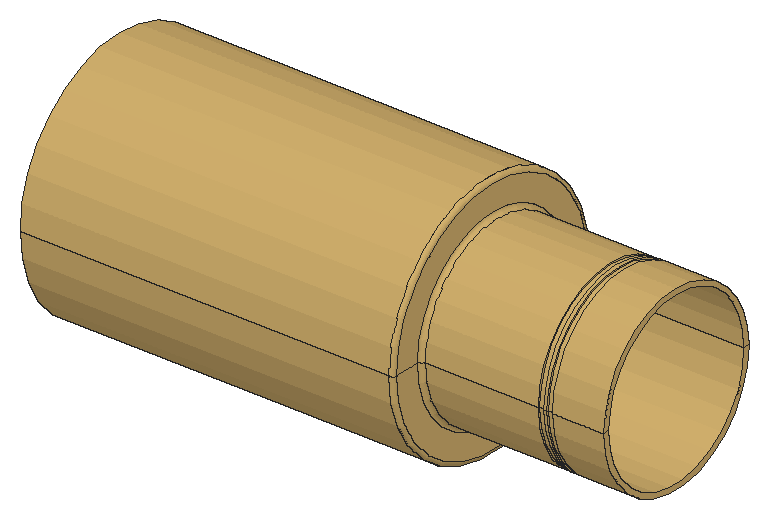
Revit family "gg", category Pipe Fittings, Revit 2018
Family settings
  Round Connector Dimension = Use Diameter
  Part Type = Transition
  OmniClass Number = 23.27.43.00
  OmniClass Title = Pipe Fittings
  Work Plane-Based = No
  Always vertical = Yes
  Cut with Voids When Loaded = No
  Shared = No
Parameters (values of type "90012")
  b1 [instance] = if(Nominal Diameter 01 > Nominal Diameter 02, B1, B)  # 91 mm
  b [instance] = if(Nominal Diameter 01 > Nominal Diameter 02, B, B1)  # 150.5 mm
  V2 [instance] = if(Nominal Diameter 02 > Nominal Diameter 01, 2 > 1, 1 > 2)  # no
  V1 [instance] = if(Nominal Diameter 01 > Nominal Diameter 02, 2 > 1, 1 > 2)  # yes
  URL = "https://www.aignep.com/"
  Tick Size 02 [instance] = Nominal Diameter 02 * 0.4  # 32 mm
  Tick Size 01 [instance] = Nominal Diameter 01 * 0.4  # 44 mm
  QR code = "https://www.bimobject.com/aignep/product/tube-tube-reducer-90012"
  Product url = "https://www.aignep.com/eng/Pipe-fittings-INFINITY/Air-Pipeline-INFINITY-Series/TUBE-TUBE-REDUCER"
  Product name = "Tube-Tube Reducer - 90012"
  Product group = "Fittings"
  Product family = "INFINITY"
  Product data url = "https://www.bimobject.com/aignep/product/tube-tube-reducer-90012"
  Product certification = "https://www.aignep.com/eng/Certificazioni/FREE-OF-SILICON"
  Product SKU = "Tube-Tube-Reducer-90012"
  Product Material = AIGNEP - Brass - Yellow
  Product Guid = "ba29735f-c77d-4c9f-9093-8d8f9c0f8a53"
  OmniClass Description = "Pipe Fittings"
  OmniClass Code = "23-27 43 00"
  Nominal Diameter 02 [instance] = 80 mm
  Nominal Diameter 01 [instance] = 110 mm
  Model = "90012"  # constant formula
  Material main = "Aluminium"
  Manufacturer name = "Aignep Spa"
  Manufacturer country = "Italy"
  Manufacturer = "Aignep Spa"
  Lookup Table Name = "Reducer - 90012"
  L [instance] = if(Nominal Diameter 01 > Nominal Diameter 02, size_lookup(Lookup Table Name, "L", 0 mm, Nominal Diameter 01, Nominal Diameter 02), size_lookup(Lookup Table Name, "L", 0 mm, Nominal Diameter 02, Nominal Diameter 01))  # 247 mm
  Keynote = "15410"
  IFC Classification = "Pipe Fitting"
  Edition number = 1
  Design country = "Italy"
  Description = "Tube-Tube reducer"
  D1 [instance] = if(Nominal Diameter 01 > Nominal Diameter 02, size_lookup(Lookup Table Name, "D1", 0 mm, Nominal Diameter 01, Nominal Diameter 02), size_lookup(Lookup Table Name, "D1", 0 mm, Nominal Diameter 02, Nominal Diameter 01))  # 80 mm
  D [instance] = if(Nominal Diameter 01 > Nominal Diameter 02, size_lookup(Lookup Table Name, "D", 0 mm, Nominal Diameter 01, Nominal Diameter 02), size_lookup(Lookup Table Name, "D", 0 mm, Nominal Diameter 02, Nominal Diameter 01))  # 110 mm
  BIMobject category = "Joints"
  B1 [instance] = if(Nominal Diameter 01 > Nominal Diameter 02, size_lookup(Lookup Table Name, "B1", 0 mm, Nominal Diameter 01, Nominal Diameter 02), size_lookup(Lookup Table Name, "B1", 0 mm, Nominal Diameter 02, Nominal Diameter 01))  # 91 mm
  B [instance] = if(Nominal Diameter 01 > Nominal Diameter 02, size_lookup(Lookup Table Name, "B", 0 mm, Nominal Diameter 01, Nominal Diameter 02), size_lookup(Lookup Table Name, "B", 0 mm, Nominal Diameter 02, Nominal Diameter 01))  # 150.5 mm
  Assembly Code = "D2040100"
  Article Code [instance] = if(Nominal Diameter 01 > Nominal Diameter 02, size_lookup(Lookup Table Name, "", "", Nominal Diameter 01, Nominal Diameter 02), size_lookup(Lookup Table Name, "", "", Nominal Diameter 02, Nominal Diameter 01))  # "90012 00 002"
Reference planes
  plane 1 "Center (Front/Back)": y = 0
  plane 2: z = 0
  plane 3 "Center (Left/Right)": x = 0
  plane 4: y = 55
  plane 5: y = -55
  plane 6: y = 40
  plane 7: y = -40
  plane 8: x = 123.5
  plane 9: x = -123.5
  plane 10: x = 27
  plane 11: x = 32.5
Forms (mm)
  Revolve 1, solid, material "AIGNEP - Brass - Yellow" <- "Product Material", visible <- "V1", detail levels fine
    sketch origin (0, 0, 0) x (1, 0, 0) y (0, 1, 0)
      loop
        line (39.981, 55) -> (-123.5, 55) -> (-123.5, 52.505) -> (33.009, 52.505) -> (37.774, 37.752) -> (123.5, 37.752) -> (123.5, 40) -> (44.027, 40)
        arc (44.027, 40) -> (42.594, 40.594) -> (42, 42.027) r 2.027
        line (42, 42.027) -> (42, 52.981)
        arc (42, 52.981) -> (41.409, 54.409) -> (39.981, 55) r 2.019
      axis (123.5, 0) -> (-123.5, 0)
    angle from 0 to 360
  Revolve 2, void
    sketch origin (0, 0, 0) x (1, 0, 0) y (0, 1, 0)
      loop
        line (94.4, 39.553) -> (96.891, 39.553) -> (96.891, 42.511) -> (94.4, 42.511) -> (94.4, 39.553)
      loop
        line (98.3, 39.553) -> (100.791, 39.553) -> (100.791, 42.511) -> (98.3, 42.511) -> (98.3, 39.553)
      axis (94.4, 0) -> (100.791, 0)
    angle from 0 to 360
  Extrusion 3, solid, not visible
    sketch origin (27, 55.314, 1200) x (0, 1, 0) y (0, 0, 1)
      loop
        circle (-55.314, -1200) r 10
    from 0 to 5.5
  Revolve 4, solid, material "AIGNEP - Brass - Yellow" <- "Product Material", visible <- "V2", detail levels fine
    sketch origin (0, 0, 0) x (1, 0, 0) y (0, 1, 0)
      loop
        arc (19.519, 55) -> (18.091, 54.409) -> (17.5, 52.981) r 2.019
        line (17.5, 52.981) -> (17.5, 42.027)
        arc (17.5, 42.027) -> (16.906, 40.594) -> (15.473, 40) r 2.027
        line (15.473, 40) -> (-123.5, 40) -> (-123.5, 37.752) -> (21.726, 37.752) -> (26.491, 52.505) -> (123.5, 52.505) -> (123.5, 55) -> (19.519, 55)
      axis (-123.5, 0) -> (123.5, 0)
    angle from 0 to 360
  Revolve 5, void
    sketch origin (0, 0, 0) x (-1, 0, 0) y (0, 1, 0)
      loop
        line (94.4, 39.553) -> (96.891, 39.553) -> (96.891, 42.511) -> (94.4, 42.511) -> (94.4, 39.553)
      loop
        line (98.3, 39.553) -> (100.791, 39.553) -> (100.791, 42.511) -> (98.3, 42.511) -> (98.3, 39.553)
      axis (94.4, 0) -> (100.791, 0)
    angle from 0 to 360
Cuts and joins
  Revolve 2 cuts Revolve 1
  Revolve 5 cuts Revolve 4
Lines and regions (mm)
  model lines, detail levels coarse+medium
    curve 1: line (27, 44, 0) -> (27, -44, 0)
    curve 2: line (32.5, 32, 0) -> (32.5, -32, 0)
    curve 3: line (32.5, 0, 0) -> (27, 0, 0)
Dimensions and locks
  equal spacing: plane 5, plane 1 "Center (Front/Back)", plane 4
  "D": plane 5 to plane 4
  equal spacing: plane 7, plane 1 "Center (Front/Back)", plane 6
  "D1": plane 6 to plane 7
  equal spacing: plane 9, plane 3 "Center (Left/Right)", plane 8
  "L": plane 9 to plane 8
  "b": plane 9 to plane 10
  "b1": plane 11 to plane 8
  locked: Revolve 1 sketch curve to plane 4 at 2.495
  locked: plane 6 to Revolve 1 sketch curve at 2.248
  plane 10 to Revolve 1 sketch curve to Revolve 1 sketch curve to Revolve 1 sketch curve = 6.009 mm locked, 4.764 mm locked, 4.226 mm locked
  Revolve 2 sketch curve to Revolve 2 sketch curve to plane 6 to Revolve 2 sketch curve to Revolve 2 sketch curve = 0 mm locked, 2.511 mm locked, 0.447 mm locked, 0 mm locked
  Revolve 1 sketch curve to plane 6 to Revolve 1 sketch curve = 2.027 mm locked, 0 mm locked
  equal spacing: curve 2, plane 1 "Center (Front/Back)", curve 2
  "Tick Size 02": plane 1 "Center (Front/Back)" to curve 2
  equal spacing: curve 1, plane 1 "Center (Front/Back)", curve 1
  "Tick Size 01": plane 1 "Center (Front/Back)" to curve 1
  locked: Revolve 4 sketch curve to plane 4 at 2.495
  locked: plane 6 to Revolve 4 sketch curve at 2.248
  Revolve 4 sketch curve to plane 6 to Revolve 4 sketch curve = 2.027 mm locked, 0 mm locked
  Revolve 5 sketch curve to Revolve 5 sketch curve to plane 6 to Revolve 5 sketch curve to Revolve 5 sketch curve = 0 mm locked, 2.511 mm locked, 0.447 mm locked, 0 mm locked
  plane 9 to Revolve 5 sketch curve to Revolve 5 sketch curve to Revolve 5 sketch curve to Revolve 5 sketch curve = 22.709 mm locked, 2.491 mm locked, 1.409 mm locked, 2.491 mm locked
  Revolve 2 sketch curve to Revolve 2 sketch curve to Revolve 2 sketch curve to Revolve 2 sketch curve to plane 8 = 2.491 mm locked, 1.409 mm locked, 2.491 mm locked, 22.709 mm locked
  Revolve 4 sketch curve to Revolve 4 sketch curve to Revolve 4 sketch curve to Revolve 4 sketch curve to plane 11 = 2.019 mm locked, 2.207 mm locked, 4.764 mm locked, 6.009 mm locked
  aligned and locked: level to plane 2
  aligned and locked: Revolve 1 sketch curve to plane 9
  aligned and locked: Revolve 1 sketch curve to plane 8
  aligned and locked: Revolve 1 sketch curve to plane 4
  aligned and locked: plane 6 to Revolve 1 sketch curve
  aligned and locked: Revolve 1 sketch curve to plane 1 "Center (Front/Back)"
  aligned and locked: plane 1 "Center (Front/Back)" to Revolve 2 sketch curve
  aligned and locked: plane 11 to Extrusion 3
  aligned and locked: Extrusion 3 to plane 10
  aligned and locked: plane 10 to curve 3
  aligned and locked: plane 11 to curve 3
  aligned and locked: curve 3 to plane 1 "Center (Front/Back)"
  aligned and locked: curve 1 to plane 10
  aligned and locked: curve 2 to plane 11
  aligned and locked: plane 4 to Revolve 4 sketch curve
  aligned and locked: Revolve 4 sketch curve to plane 6
  aligned and locked: Revolve 4 sketch curve to plane 9
  aligned and locked: Revolve 4 sketch curve to plane 8
Automatic sketch dimensions
  Revolve 1 sketch curve to Revolve 1 sketch curve = 2.019 mm
  Revolve 1 sketch curve to plane 9 = 15.729 mm
  Revolve 1 sketch curve to Revolve 1 sketch curve = 25 mm
  plane 8 to Revolve 2 sketch curve = 20.126 mm
  Revolve 2 sketch curve to Revolve 2 sketch curve = 30 mm
  Extrusion 3 sketch curve to level = 0 mm
  Extrusion 3 sketch curve to plane 1 "Center (Front/Back)" = 0 mm
  plane 1 "Center (Front/Back)" to Revolve 5 sketch curve = 0 mm
  plane 9 to Revolve 5 sketch curve = 20.126 mm
  Revolve 5 sketch curve to Revolve 5 sketch curve = 30 mm
  plane 1 "Center (Front/Back)" to Revolve 4 sketch curve = 0 mm
  plane 8 to Revolve 4 sketch curve = 15.729 mm
  Revolve 4 sketch curve to Revolve 4 sketch curve = 25 mm
  radius of Extrusion 3 sketch curve = 10 mm
Connectors
  piping at (27, 0, 0), diameter 110, driven by "Nominal Diameter 01"
    settings: on Extrusion 3, index 1, connector inside diameter 609.6 mm, connector length 0 mm, flow factor 0, pipe flow 0.0 L/s, pressure drop 0.0 Pa, fitting loss kfactor 0, connector angle 0.00°, fixture units 0, engagement length 0 mm, angle of deflection 0.00°, flow configuration 0, flow direction 0, fitting loss method 0, system type 28, joint type 0, gender type 0, connector reference index 2, connector utility 0, adjustable connector yes, is connector primary yes, connector description ""
  piping at (32.5, 0, 0), diameter 80, driven by "Nominal Diameter 02"
    settings: on Extrusion 3, index 2, connector inside diameter 609.6 mm, connector length 0 mm, flow factor 0, pipe flow 0.0 L/s, pressure drop 0.0 Pa, fitting loss kfactor 0, connector angle 0.00°, fixture units 0, engagement length 0 mm, angle of deflection 0.00°, flow configuration 0, flow direction 0, fitting loss method 0, system type 28, joint type 0, gender type 0, connector reference index 1, connector utility 0, adjustable connector yes, is connector primary no, connector description ""
